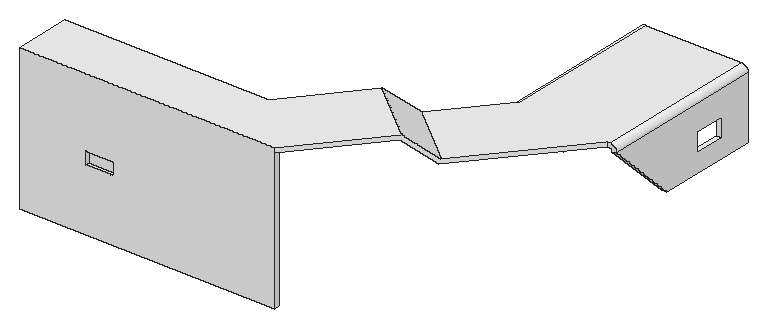
Revit family "thclip_4030", category 機械設備, Revit 2022
Family settings
  丸型コネクタ寸法 = 直径を使用
  種別 = なし
  パーツ タイプ = 標準
  作業面ベース = いいえ
  常に垂直 = はい
  ロード時にボイドで切り取り = いいえ
  注釈の向きを維持 = いいえ
  共有 = いいえ
  部屋計算ポイント = いいえ
Parameters
  製造元 = "株式会社桐井製作所"
  既定の高さ = 0 mm
  URL = "https://www.kirii.co.jp/"
  K_材質 = "溶融亜鉛めっき鋼板及び鋼帯 SGCC 一般用"
  K_品名 = "THクリップ4030"
  K_名称 = "クリップ"
  K_入数 = "500"
  K_バージョン情報 = "20220915"
  K_めっき付着量 = "Z12"
  K_JIS規格 = "JIS G 3302"
Reference planes
  plane 1 "中心(正面/背面)": y = 0
  plane 2: z = 0
  plane 3 "中心(左/右)": x = 0
Forms (mm)
  Extrusion 1, solid
    sketch origin (0, 0, 0) x (0, 1, 0) y (0, 0, 1)
      loop
        line (-4.429, -22.4) -> (-3.629, -22.4) -> (-3.629, -0.2) -> (3.771, -0.2) -> (3.771, -22.4) -> (4.571, -22.4) -> (4.571, 0.6) -> (-4.429, 0.6) -> (-4.429, -22.4)
    from -20.25 to 20.25
  Extrusion 2, solid
    sketch origin (2.237, 5.56, 0) x (0.636881, 0.770962, 0) y (0, 0, 1)
      loop
        line (3.771, -0.2) -> (19.649, -0.2) -> (24.649, -4.2) -> (47.016, -4.2) -> (47.016, -3.4) -> (24.929, -3.4) -> (19.929, 0.6) -> (3.771, 0.6) -> (3.771, -0.2)
    from 8.25 to 20.25
  Extrusion 3, solid
    sketch origin (-3.445, 33.869, 0) x (1, 0, 0) y (0, 0, 1)
      loop
        line (34.995, -4.4) -> (34.995, -14.4) -> (35.795, -14.4) -> (35.795, -4.2) -> (51.395, -4.2) -> (51.395, -14.4) -> (52.195, -14.4) -> (52.195, -4.4)
        arc (52.195, -4.4) -> (51.902, -3.693) -> (51.195, -3.4) r 1
        line (51.195, -3.4) -> (35.995, -3.4)
        arc (35.995, -3.4) -> (35.288, -3.693) -> (34.995, -4.4) r 1
    from -20.25 to 5.778
  Extrusion 4, void
    sketch origin (0, 0, 0) x (0, 1, 0) y (0, 0, 1)
      loop
        line (48.929, -8.4) -> (43.929, -8.4) -> (43.929, -11.4) -> (48.929, -11.4) -> (48.929, -8.4)
    from 47.95 to 48.75
  Extrusion 5, void
    sketch origin (-16.6, 0, 0) x (0, 1, 0) y (0, 0, 1)
      loop
        line (48.929, -8.4) -> (43.929, -8.4) -> (43.929, -11.4) -> (48.929, -11.4) -> (48.929, -8.4)
    from 48.15 to 48.95
  Extrusion 6, void
    sketch origin (0, 0, 0) x (1, 0, 0) y (0, 0, 1)
      loop
        line (-9.75, -10.4) -> (-9.75, -12.4) -> (-5.25, -12.4) -> (-5.25, -10.4) -> (-9.75, -10.4)
    from -4.571 to -3.971
  Extrusion 7, void
    sketch origin (0, -8.4, 0) x (1, 0, 0) y (0, 0, 1)
      loop
        line (-9.75, -10.4) -> (-9.75, -12.4) -> (-5.25, -12.4) -> (-5.25, -10.4) -> (-9.75, -10.4)
    from -4.571 to -3.971
  Extrusion 8, void
    sketch origin (0, 0, 0) x (1, 0, 0) y (0, 0, 1)
      loop
        line (20.25, -0.2) -> (10.25, -0.2) -> (10.25, -22.4) -> (20.25, -22.4) -> (20.25, -0.2)
    from -4.571 to -3.771
  Extrusion 9, void
    sketch origin (0, 0, -0.767) x (0, 1, 0) y (0, 0, 1)
      loop
        line (28.091, -3.742) -> (28.091, -13.633) -> (37.982, -13.633) -> (28.091, -3.742)
    from 31.55 to 32.35
  Extrusion 10, void
    sketch origin (16.4, 0, -0.767) x (0, 1, 0) y (0, 0, 1)
      loop
        line (28.091, -3.742) -> (28.091, -13.633) -> (37.982, -13.633) -> (28.091, -3.742)
    from 31.55 to 32.35
Cuts and joins
  Extrusion 6, Extrusion 7, Extrusion 8, Extrusion 10 cuts Extrusion 1
  Extrusion 6, Extrusion 7, Extrusion 8, Extrusion 10 cuts Extrusion 2
  Extrusion 4, Extrusion 5, Extrusion 6, Extrusion 7, Extrusion 8, Extrusion 9, Extrusion 10 cuts Extrusion 3
  joined: Extrusion 1, Extrusion 2, Extrusion 3
Dimensions and locks
  aligned and locked: level to plane 2
